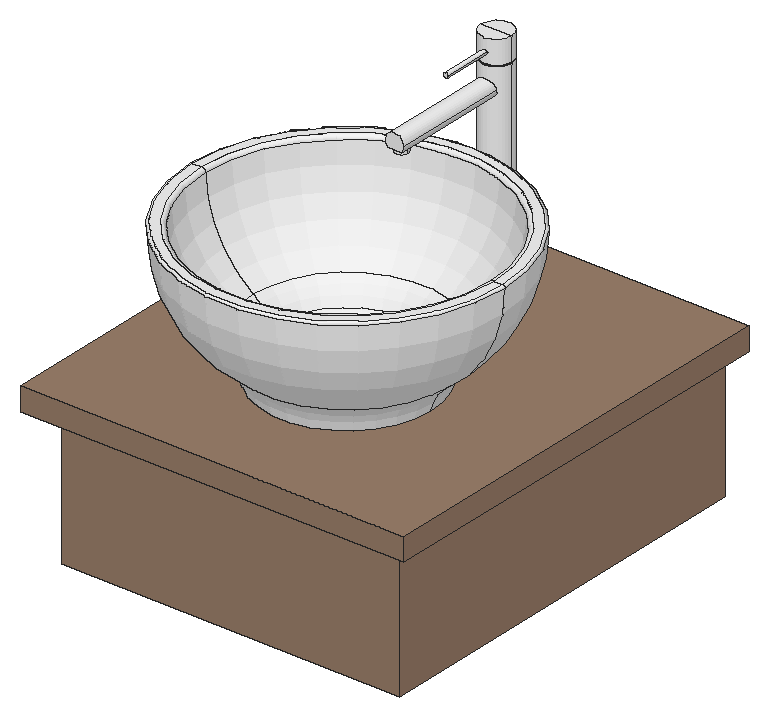
Revit family
Parameters
  Vis - Shelf Plinth = yes
  Tap Height = 300 mm
  Shelf Thickness = 30 mm
  Shelf Length = 500 mm
  Shelf Depth = 560 mm
  Material Taps and Fittings = Metal - Chrome Polished
  Material Sink = Porcelain
  Material Shelf = Wood - Walnut Natural
  Manufacturer = "Revit"
  Assembly Code = ""
Reference planes
  plane 1 "Center (Front/Back)": y = 0
  plane 2: z = 0
  plane 3 "Center (Left/Right)": x = 24.85
  plane 4: x = -225.15
  plane 5: x = 274.85
  plane 6: y = -560
  plane 7: y = -340
Forms (mm)
  Extrusion 1, solid, material "Wood - Walnut Natural" <- "Material Shelf"
    sketch origin (0, 0, 0) x (1, 0, 0) y (0, 1, 0)
      loop
        line (-225.15, 0) -> (-225.15, -560) -> (274.85, -560) -> (274.85, 0) -> (-225.15, 0)
    from 0 to -30
  Revolve 2, solid, material "Porcelain" <- "Material Sink"
    sketch origin (-373.715, -340, 4000) x (-1, 0, 0) y (0, 0, 1)
      loop
        line (-381.565, -3999.985) -> (-290.071, -3999.985)
        arc (-290.071, -3999.985) -> (-280.471, -3978.189) -> (-263.923, -3961.06) r 67.768
        arc (-263.923, -3961.06) -> (-212.086, -3900.534) -> (-193.526, -3823.036) r 170.005
        arc (-193.526, -3823.036) -> (-194.406, -3820.918) -> (-196.526, -3820.041) r 3
        line (-196.526, -3820.041) -> (-208.574, -3820.041)
        arc (-208.574, -3820.041) -> (-212.09, -3821.486) -> (-213.574, -3824.987) r 5
        arc (-213.574, -3824.987) -> (-230.354, -3892.325) -> (-275.654, -3944.9) r 149.971
        arc (-275.654, -3944.9) -> (-289.49, -3957.34) -> (-300.392, -3972.418) r 87.751
        arc (-300.392, -3972.418) -> (-309.549, -3981.627) -> (-322.09, -3985) r 25
        line (-322.09, -3985) -> (-376.565, -3985) -> (-376.565, -3986.535) -> (-381.565, -3986.535) -> (-381.565, -3999.985)
      axis (-398.565, -3999.985) -> (-398.565, -3820.041)
    angle from 0 to 360
  Revolve 3, solid, material "Metal - Chrome Polished" <- "Material Taps and Fittings"
    sketch origin (-373.715, -340, 4000) x (-1, 0, 0) y (0, 0, 1)
      loop
        line (-384.827, -3985) -> (-384.827, -3996.275) -> (-398.565, -3996.275) -> (-398.565, -4000) -> (-381.565, -4000) -> (-381.565, -3986.535) -> (-376.565, -3986.535) -> (-376.565, -3985) -> (-384.827, -3985)
      axis (-398.565, -4000) -> (-398.565, -3985)
    angle from 0 to 360
  Extrusion 4, solid, material "Wood - Walnut Natural" <- "Material Shelf", visible <- "Vis - Shelf Plinth"
    sketch origin (0, 0, 0) x (1, 0, 0) y (0, 1, 0)
      loop
        line (-195.15, 0) -> (-195.15, -530) -> (244.85, -530) -> (244.85, 0) -> (-195.15, 0)
    from -30 to -210.149
Lines and regions (mm)
  symbolic lines
    curve 1: arc (12.286, -135.385, 0) -> (25.287, -545, 0) -> (36.542, -135.334, 0) r 205
    curve 2: circle (24.85, -340, 0) r 13.738 normal (0, 0, 1)
    curve 3: arc (12.479, -155.414, 0) -> (24.931, -525, 0) -> (37.059, -155.403, 0) r 185
Dimensions and locks
  equal spacing: plane 4, plane 3 "Center (Left/Right)", plane 5
  "Shelf Length": plane 4 to plane 5
  "Shelf Depth": plane 6 to plane 1 "Center (Front/Back)"
  "Shelf Thickness": level to Extrusion 1
  plane 4 to Extrusion 4 sketch curve = 30 mm
  Extrusion 4 sketch curve to plane 5 = 30 mm
  plane 6 to Extrusion 4 sketch curve = 30 mm
  aligned and locked: plane 3 "Center (Left/Right)" to nested 1
  aligned and locked: plane 1 "Center (Front/Back)" to Extrusion 4 sketch curve
Automatic sketch dimensions
  Extrusion 1 sketch curve to plane 4 = 0 mm
  Extrusion 1 sketch curve to plane 5 = 0 mm
  Extrusion 1 sketch curve to plane 6 = 0 mm
  Extrusion 1 sketch curve to plane 1 "Center (Front/Back)" = 0 mm
  Revolve 3 sketch curve to level = 0 mm
  Revolve 3 sketch curve to plane 3 "Center (Left/Right)" = 0 mm  (x2)
  level to Revolve 3 sketch curve = 3.725 mm
  Revolve 3 sketch curve to Revolve 3 sketch curve = 13.738 mm
  Revolve 3 sketch curve to Revolve 3 sketch curve = 3.262 mm
  Revolve 3 sketch curve to Revolve 3 sketch curve = 5 mm
  Revolve 3 sketch curve to level = 6.992 mm
  Revolve 3 sketch curve to Revolve 3 sketch curve = 9.74 mm
  Revolve 3 sketch curve to Revolve 3 sketch curve = 1.535 mm
  Revolve 3 sketch curve to Revolve 3 sketch curve = 12.012 mm
  Revolve 2 sketch curve to plane 3 "Center (Left/Right)" = 0 mm
  level to Revolve 2 sketch curve = 0.015 mm
  Revolve 2 sketch curve to plane 3 "Center (Left/Right)" = 17 mm
  Revolve 2 sketch curve to Revolve 2 sketch curve = 5 mm  (x2)
  Revolve 2 sketch curve to plane 3 "Center (Left/Right)" = 35.03 mm
  Revolve 2 sketch curve to Revolve 2 sketch curve = 0.006 mm
  Revolve 2 sketch curve to Revolve 2 sketch curve = 54.475 mm
  Revolve 2 sketch curve to Revolve 2 sketch curve = 21.698 mm
  Revolve 2 sketch curve to Revolve 2 sketch curve = 0 mm  (x5)
  Revolve 2 sketch curve to Revolve 2 sketch curve = 10.321 mm
  Revolve 2 sketch curve to Revolve 2 sketch curve = 24.738 mm
  Revolve 2 sketch curve to Revolve 2 sketch curve = 11.731 mm
  Revolve 2 sketch curve to level = 16.005 mm
  Revolve 2 sketch curve to Revolve 2 sketch curve = 65.838 mm
  Revolve 2 sketch curve to Revolve 2 sketch curve = 0.016 mm
  Revolve 2 sketch curve to Revolve 2 sketch curve = 62.08 mm
  Revolve 2 sketch curve to Revolve 2 sketch curve = 12.048 mm
  Revolve 2 sketch curve to Revolve 2 sketch curve = 3 mm
  Revolve 2 sketch curve to level = 50 mm
  Revolve 2 sketch curve to Revolve 2 sketch curve = 0.028 mm
  Revolve 2 sketch curve to Revolve 2 sketch curve = 1.535 mm
  Revolve 2 sketch curve to Revolve 2 sketch curve = 41.535 mm
  curve 1 to curve 2 = 0 mm
  plane 3 "Center (Left/Right)" to curve 3 = 12.209 mm
  curve 3 to plane 3 "Center (Left/Right)" = 12.371 mm
  curve 3 to curve 1 = 20.029 mm
  curve 1 to curve 3 = 0 mm
  curve 2 to curve 3 = 0 mm  (x2)
  curve 2 to plane 3 "Center (Left/Right)" = 0 mm
  curve 2 to plane 7 = 0 mm
  curve 1 to plane 3 "Center (Left/Right)" = 12.564 mm
  plane 3 "Center (Left/Right)" to curve 1 = 11.692 mm
  radius of curve 1 = 205 mm
  radius of curve 2 = 13.738 mm
Nested families
  nested 1: "UK_Mdrn Tap Style C" at (24.85, -97.303, 0), type "UK_Mdrn Tap Style C"
Definition of nested family "UK_Mdrn Tap Style C"
  Parameters
    Tap Height = 300 mm
    Material Tap = none
    Manufacturer = "Revit"
  Reference planes
    plane 1 "Center (Front/Back)": y = 0
    plane 2: z = 0
    plane 3 "Center (Left/Right)": x = 0
  Forms (mm)
    Revolve 1, solid, material <- "Material Tap"
      sketch origin (0, 0, 0) x (1, 0, 0) y (0, 0, 1)
        loop
          line (0, 0) -> (0, 300) -> (-20, 300) -> (-20, 270) -> (-18, 270) -> (-18, 268) -> (-20, 268) -> (-20, 4) -> (-25, 4) -> (-25, 0) -> (0, 0)
        axis (0, 0) -> (0, 300)
      angle from 0 to 360
    Extrusion 2, solid, material <- "Material Tap"
      sketch origin (0, 0, 0) x (1, 0, 0) y (0, 0, 1)
        loop
          circle (0, 283.268) r 3
      from 0 to 82.043
    Extrusion 3, solid, material <- "Material Tap"
      sketch origin (0, 0, 0) x (1, 0, 0) y (0, 0, 1)
        loop
          circle (0, 240.642) r 12
      from 0 to 165.708
    Extrusion 4, void
      sketch origin (0, 0, -1.47) x (0, -1, 0) y (0, 0, 1)
        loop
          line (165.708, 229.642) -> (165.708, 234.642) -> (140.708, 234.642) -> (140.708, 229.642) -> (165.708, 229.642)
      from -15.058 to 15.415
    Extrusion 5, solid, material <- "Material Tap"
      sketch origin (0, 0, 0) x (1, 0, 0) y (0, 1, 0)
        loop
          circle (0, -154.43) r 8
      from 227.072 to 233.172
  Cuts and joins
    Extrusion 4 cuts Revolve 1
    joined: Revolve 1, Extrusion 5
    Extrusion 4 cuts Extrusion 2
    Extrusion 4 cuts Extrusion 3
  Dimensions and locks
    "Tap Height": Revolve 1 sketch curve to level
    locked: Extrusion 4 sketch curve to Extrusion 4 sketch curve at 5
    locked: cut or joined group of Revolve 1, Extrusion 4, Extrusion 5 to Extrusion 5 at 6.1
    locked: cut or joined group of Revolve 1, Extrusion 4, Extrusion 5 to Extrusion 2 sketch curve at 16.732
    locked: cut or joined group of Revolve 1, Extrusion 4, Extrusion 5 to Extrusion 3 sketch curve at 59.358
    locked: cut or joined group of Revolve 1, Extrusion 4, Extrusion 5 to cut or joined group of Extrusion 3, Extrusion 4 at 66.828
    aligned and locked: Extrusion 2 to plane 1 "Center (Front/Back)"
    aligned and locked: Extrusion 3 to plane 1 "Center (Front/Back)"
    aligned and locked: cut or joined group of Revolve 1, Extrusion 4, Extrusion 5 to Extrusion 5
  Automatic sketch dimensions
    Revolve 1 sketch curve to level = 0 mm
    Revolve 1 sketch curve to plane 3 "Center (Left/Right)" = 0 mm  (x2)
    Revolve 1 sketch curve to plane 3 "Center (Left/Right)" = 18 mm
    Revolve 1 sketch curve to Revolve 1 sketch curve = 2 mm  (x2)
    Revolve 1 sketch curve to Revolve 1 sketch curve = 0 mm
    Revolve 1 sketch curve to Revolve 1 sketch curve = 5 mm
    Revolve 1 sketch curve to level = 25 mm
    level to Revolve 1 sketch curve = 4 mm
    Revolve 1 sketch curve to Revolve 1 sketch curve = 32 mm
    Revolve 1 sketch curve to Revolve 1 sketch curve = 24 mm
    Extrusion 2 sketch curve to plane 3 "Center (Left/Right)" = 0 mm
    Extrusion 3 sketch curve to plane 3 "Center (Left/Right)" = 0 mm
    Extrusion 4 sketch curve to Extrusion 4 sketch curve = 25 mm
    Extrusion 5 sketch curve to plane 3 "Center (Left/Right)" = 0 mm
    level to Extrusion 4 sketch curve = 228.172 mm
    plane 1 "Center (Front/Back)" to Extrusion 4 sketch curve = 140.708 mm
    plane 1 "Center (Front/Back)" to Extrusion 5 sketch curve = 154.43 mm
    radius of Extrusion 2 sketch curve = 3 mm
    radius of Extrusion 3 sketch curve = 12 mm
    radius of Extrusion 5 sketch curve = 8 mm
